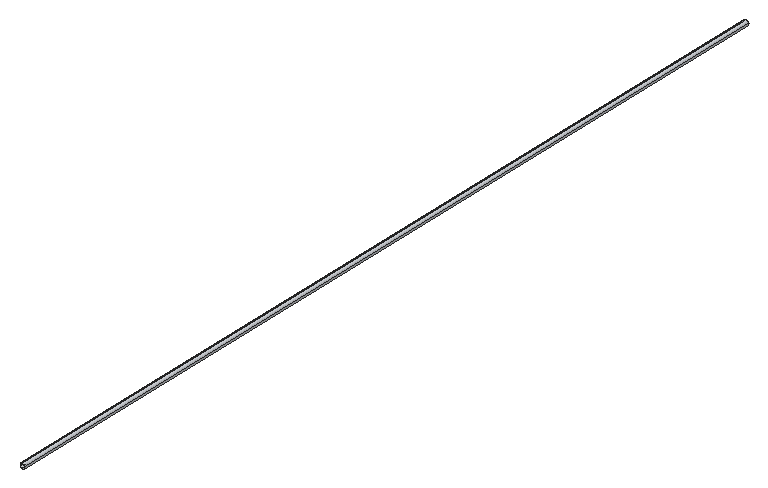
Revit family "GC20", category Generic Models, Revit 2017
Family settings
  Can host rebar = No
  Round Connector Dimension = Use Diameter
  Part Type = Normal
  Work Plane-Based = Yes
  Always vertical = No
  Cut with Voids When Loaded = No
  Shared = No
  Room Calculation Point = No
Parameters (values of type "NBS Standard Parameters")
  Weight = "2.42Kg"
  WarrantyStartDate [instance] = "1900-12-31T23:59:59"
  WarrantyGuarantorParts = "n/a"
  WarrantyGuarantorLabor = "n/a"
  WarrantyDurationUnit = "1 year"
  WarrantyDurationParts = "n/a"
  WarrantyDurationLabor = "n/a"
  WarrantyDescription = "n/a"
  Version = "1"
  Uniclass2 = "Pr_65_70_11_71"
  TagNumber [instance] = "n/a"
  SustainabilityPerformance = "n/a"
  Size = "20"
  Shape = "Circular"
  SerialNumber [instance] = "n/a"
  Revision = "n/a"
  ReplacementCost = "n/a"
  ProductInformation = "www.metpro.co.uk/pdf/gc20.pdf"
  NominalWidth = 20 mm
  NominalLength = 3750 mm
  NominalHeight = 20 mm
  Name = ""
  NBSTypeID = ""
  NBSReference = "90-55-10/380"
  NBSOfficeMasterTag = ""
  NBSNote = ""
  NBSDescription = "Rapid Conduit"
  NBSCertification = ""
  ModelReference = "GC20"
  ModelNumber = "n/a"
  Material = "Steel"
  ManufacturerURL = "www.metpro.co.uk"
  ManufacturerName = "Metpro.Ltd"
  Keynote = "Conforms to BS EN61386 - 1"
  InstallationDate [instance] = "1900-12-31T23:59:59"
  IfcExportType = ""
  IfcExportAs = ""
  Grade = "n/a"
  Finish = "Hot dipped Galvanised Class 4"
  Features = "n/a"
  ExpectedLife = "n/a"
  DurationUnit = "year"
  Description = "GC20 - 20mm Conduit 3.75 mtr Length"
  Default Elevation = 1219.2 mm
  Constituents = "n/a"
  Color = "n/a"
  CodePerformance = "n/a"
  Category = "n/a"
  BarCode [instance] = "n/a"
  BIMObjectName = "Metpro_metprolibrary_rigidconduit_metal_pregalvanised"
  Author = "Metpro Limited"
  AssetType = ""
  AssetIdentifier [instance] = "n/a"
  AccessibilityPerformance = "n/a"
Reference planes
  plane 1 "Center (Front/Back)": y = 0
  plane 2: z = 0
  plane 3 "Center (Left/Right)": x = 0
Forms (mm)
  Extrusion 1, solid
    sketch origin (43.495, 3014.834, 144.652) x (-1, 0, 0) y (0, 0, -1)
      loop
        circle (33.495, -15) r 10
      loop
        circle (33.495, -15) r 8.839
    from 0 to 3750
Dimensions and locks
  aligned and locked: level to plane 2
